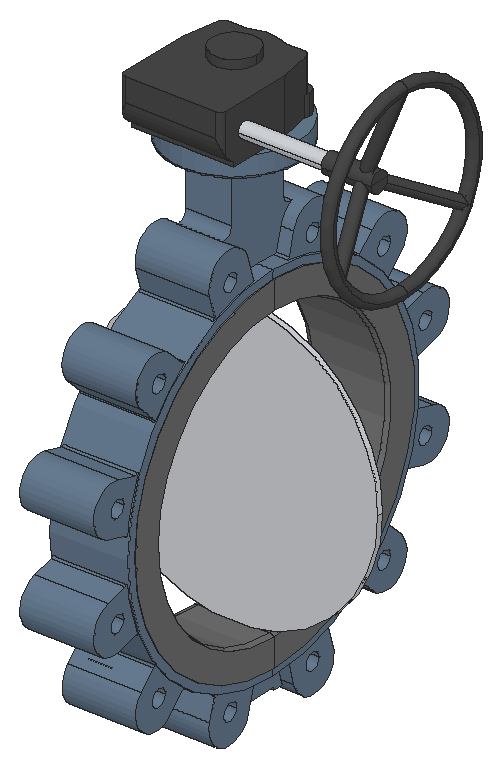
Revit family "Запорно-регулирующая заслонка с ручным редукторным приводом AF-4219", category Rohrzubehör, Revit 2018
Family settings
  Bemaßung runder Anschluss = Durchmesser verwenden
  Teiletyp = Unterbricht
  OmniClass-Nummer = 23.65.55.14
  OmniClass-Titel = Valves for Liquid Services
  Arbeitsebenenbasiert = Nein
  Immer vertikal = Ja
  Beim Laden mit Abzugskörper schneiden = Nein
  Gemeinsam genutzt = Nein
Parameters
  Шпиндель = "Нержавеющая сталь ASTM-A276 / Type 316"  # constant formula
  Фланцевое соединение = "В соответствии с EN1092-2"  # constant formula
  Уплотнение корпуса = "EPDM в соответствии с ISO 1691"  # constant formula
  Среда = "Качество теплоносителя в соответствии с ÖNORM H5195 и/или предписаниями VDI 2035.\r\nРазрешается использование смеси этилен или пропиленгликоля в соотношении 25-50% с водой."
  Область применения = "Применяются в системах тепло- и холодоснабжения."
  Номер заказа [instance] = size_lookup("4219_AF_G", "Artnr", 421911, Nennweite)  # 1421979
  Макс. рабочая температура = 110 °C  # constant formula
  Крутящий момент в Нм [instance] = size_lookup("4219_AF_G", "Nm", 20, Nennweite)  # 350
  Корпус = "Чугун GGG, GJS-400-15/JS1030, в соответствии с EN1563"  # constant formula
  Диск = "Нержавеющая сталь 1.4408"  # constant formula
  Вес [instance] = size_lookup("4219_AF_G", "Gewicht", 3.8, Nennweite)  # 37.6
  Болты [instance] = if(Nennweite = 50 mm, "4x M16x35", if(Nennweite = 65 mm, "4x M16x35", if(Nennweite = 80 mm, "8x M16x35", if(Nennweite = 100 mm, "8x M16x40", if(Nennweite = 125 mm, "8x M16x40", if(Nennweite = 150 mm, "8x M20x40", if(Nennweite = 200 mm, "12x M20x45", if(Nennweite = 250 mm, "12x M24x45", "12x M24x45"))))))))  # "12x M24x45"
  URL = "www.herz-armaturen.ru"
  SCTWSEQ = "FW;SBT_TYP_FW=\"101\";2"
  SCTWCODE = "04;07;02"  # constant formula
  SCRNSEQ = "ARM;ARM_TYP=\"ALLF\";2"
  SCRNCODE = "05;13;02"  # constant formula
  R99 = 1.5 mm  # constant formula
  PN [instance] = size_lookup("4219_AF_G", "PN", 16, Nennweite)  # 10
  O-Ring = "EPDM в соответствии с ISO 1691"  # constant formula
  Мин. рабочая температура = "-20.00 °C при соответствующей водно-гликолевой смеси"  # constant formula
  L04 [instance] = L01 - 3.5 mm  # 35.5 mm
  L03 [instance] = L01 + 1.5 mm  # 40.5 mm
  L02 [instance] = size_lookup("4219_AF_G", "L2", 14.5 mm, Nennweite)  # 30.5 mm
  L01 [instance] = size_lookup("4219_AF_G", "L1", 21.5 mm, Nennweite)  # 39 mm
  R01 [instance] = size_lookup("4219_AF_G", "R1", 44 mm, Nennweite)  # 65 mm
  Nennweite [instance] = 300 mm
  Hersteller = "HERZ Armaturen Ges.m.b.H."  # constant formula
  H02 [instance] = size_lookup("4219_AF_G", "H2", 13 mm, Nennweite)  # 20 mm
  H01 [instance] = size_lookup("4219_AF_G", "H1", 125 mm, Nennweite)  # 308 mm
  DN80 [instance] = Nennweite = 80 mm  # no
  DN65 [instance] = Nennweite = 65 mm  # no
  DN50 [instance] = Nennweite = 50 mm  # no
  DN300 [instance] = Nennweite = 300 mm  # yes
  DN250 [instance] = Nennweite = 250 mm  # no
  DN200 [instance] = Nennweite = 200 mm  # no
  DN150 [instance] = Nennweite = 150 mm  # no
  DN125 [instance] = Nennweite = 125 mm  # no
  DN100 [instance] = Nennweite = 100 mm  # no
  D06 [instance] = size_lookup("4219_AF_G", "D6", 25.3 mm, Nennweite)  # 146.5 mm
  D05 [instance] = size_lookup("4219_AF_G", "D5", 24.5 mm, Nennweite)  # 145 mm
  D04 [instance] = D05 + 2 mm  # 147 mm
  D03 [instance] = size_lookup("4219_AF_G", "D3", 35.5 mm, Nennweite)  # 167.5 mm
  D02 [instance] = size_lookup("4219_AF_G", "D2", 41 mm, Nennweite)  # 175 mm
  D01 [instance] = size_lookup("4219_AF_G", "D1", 47 mm, Nennweite)  # 183 mm
Reference planes
  plane 1 "Mitte (Vorne/hinten)": y = 0
  plane 2: z = 0
  plane 3 "Mitte (Links/rechts)": x = 0
Forms (mm)
  Revolve 1, solid, material "Herz-Metall-blau", detail levels fine
    sketch origin (0, 0, 0) x (1, 0, 0) y (0, 0, 1)
      loop
        line (-30.5, 175) -> (-30.5, 167.5) -> (30.5, 167.5) -> (30.5, 175) -> (39, 175) -> (39, 183) -> (-39, 183) -> (-39, 175) -> (-30.5, 175)
      axis (-39, 0) -> (39, 0)
    angle from 0 to 360
  Revolve 2, solid, material "Herz-Metall-blau", detail levels fine
    sketch origin (0, 0, 0) x (1, 0, 0) y (0, 0, 1)
      loop
        line (-65, 308) -> (-65, 289.463)
        arc (-65, 289.463) -> (-64.673, 288.527) -> (-63.833, 288) r 1.5
        line (-63.833, 288) -> (0, 288) -> (0, 308) -> (-65, 308)
      axis (0, 308) -> (0, 288)
    angle from 0 to 360
  Extrusion 3, solid, material "Herz-Metall-blau", visible <- "DN50", detail levels fine
    sketch origin (0, 0, 0) x (0, 1, 0) y (0, 0, 1)
      loop
        line (56.215, -32.173) -> (43.95, -19.909)
        arc (43.95, -19.909) -> (43.387, -18.793) -> (43.596, -17.56) r 2
        arc (43.596, -17.56) -> (33.234, -33.234) -> (17.56, -43.596) r 47
        arc (17.56, -43.596) -> (18.793, -43.387) -> (19.909, -43.95) r 2
        line (19.909, -43.95) -> (32.173, -56.215)
        arc (32.173, -56.215) -> (56.215, -56.215) -> (56.215, -32.173) r 17
      loop
        arc (-56.215, -32.173) -> (-56.215, -56.215) -> (-32.173, -56.215) r 17
        line (-32.173, -56.215) -> (-19.909, -43.95)
        arc (-19.909, -43.95) -> (-18.793, -43.387) -> (-17.56, -43.596) r 2
        arc (-17.56, -43.596) -> (-33.234, -33.234) -> (-43.596, -17.56) r 47
        arc (-43.596, -17.56) -> (-43.387, -18.793) -> (-43.95, -19.909) r 2
        line (-43.95, -19.909) -> (-56.215, -32.173)
      loop
        arc (56.215, 32.173) -> (56.215, 56.215) -> (32.173, 56.215) r 17
        line (32.173, 56.215) -> (19.909, 43.95)
        arc (19.909, 43.95) -> (18.793, 43.387) -> (17.56, 43.596) r 2
        arc (17.56, 43.596) -> (33.234, 33.234) -> (43.596, 17.56) r 47
        arc (43.596, 17.56) -> (43.387, 18.793) -> (43.95, 19.909) r 2
        line (43.95, 19.909) -> (56.215, 32.173)
      loop
        line (-56.215, 32.173) -> (-43.95, 19.909)
        arc (-43.95, 19.909) -> (-43.387, 18.793) -> (-43.596, 17.56) r 2
        arc (-43.596, 17.56) -> (-33.234, 33.234) -> (-17.56, 43.596) r 47
        arc (-17.56, 43.596) -> (-18.793, 43.387) -> (-19.909, 43.95) r 2
        line (-19.909, 43.95) -> (-32.173, 56.215)
        arc (-32.173, 56.215) -> (-56.215, 56.215) -> (-56.215, 32.173) r 17
      loop
        circle (-44.194, 44.194) r 6.92
      loop
        circle (44.194, 44.194) r 6.92
      loop
        circle (44.194, -44.194) r 6.92
      loop
        circle (-44.194, -44.194) r 6.92
    from -19.5 to 19.5
  Extrusion 4, solid, material "Herz-Metall-blau", visible <- "DN50", detail levels fine
    sketch origin (0, 0, 0) x (0, 1, 0) y (0, 0, 1)
      loop
        line (20, 74.845) -> (20, 112) -> (-20, 112) -> (-20, 74.845)
        arc (-20, 74.845) -> (-26.046, 62.811) -> (-39.31, 60.477) r 15
        arc (-39.31, 60.477) -> (-35.477, 58.789) -> (-32.173, 56.215) r 17
        line (-32.173, 56.215) -> (-19.909, 43.95)
        arc (-19.909, 43.95) -> (-18.793, 43.387) -> (-17.56, 43.596) r 2
        arc (-17.56, 43.596) -> (0, 47) -> (17.56, 43.596) r 47
        arc (17.56, 43.596) -> (18.793, 43.387) -> (19.909, 43.95) r 2
        line (19.909, 43.95) -> (32.173, 56.215)
        arc (32.173, 56.215) -> (35.477, 58.789) -> (39.31, 60.477) r 17
        arc (39.31, 60.477) -> (26.046, 62.811) -> (20, 74.845) r 15
    from -15 to 15
  Extrusion 5, solid, material "Herz-Metall-blau", visible <- "DN50"
    sketch origin (0, 0, 0) x (0, 1, 0) y (0, 0, 1)
      loop
        arc (33.834, -58) -> (34.246, -58.062) -> (34.622, -58.243) r 1.4
        arc (34.622, -58.243) -> (33.35, -57.286) -> (32.173, -56.215) r 17
        line (32.173, -56.215) -> (19.909, -43.95)
        arc (19.909, -43.95) -> (18.793, -43.387) -> (17.56, -43.596) r 2
        arc (17.56, -43.596) -> (0, -47) -> (-17.56, -43.596) r 47
        arc (-17.56, -43.596) -> (-18.793, -43.387) -> (-19.909, -43.95) r 2
        line (-19.909, -43.95) -> (-32.173, -56.215)
        arc (-32.173, -56.215) -> (-33.35, -57.286) -> (-34.622, -58.243) r 17
        arc (-34.622, -58.243) -> (-34.246, -58.062) -> (-33.834, -58) r 1.4
        line (-33.834, -58) -> (-16.963, -58)
        arc (-16.963, -58) -> (-15.575, -58.575) -> (-15, -59.963) r 1.963
        line (-15, -59.963) -> (-15, -61) -> (15, -61) -> (15, -59.963)
        arc (15, -59.963) -> (15.575, -58.575) -> (16.963, -58) r 1.963
        line (16.963, -58) -> (33.834, -58)
    from -15 to 15
  Revolve 6, solid, material "Gummi", detail levels fine
    sketch origin (-134.5, 0, 0) x (1, 0, 0) y (0, 0, 1)
      loop
        line (94, 175) -> (94, 147) -> (99, 145) -> (170, 145) -> (175, 147) -> (175, 175) -> (165, 175) -> (165, 167.5) -> (104, 167.5) -> (104, 175) -> (94, 175)
      axis (94, 0) -> (175, 0)
    angle from 0 to 360
  Extrusion 7, solid, detail levels fine
    sketch origin (0, 0, 0) x (1, 0, 0) y (0, 0, 1)
      loop
        circle (0, 0) r 146.5
    from -2.5 to 2.5
  Extrusion 8, solid, material "Herz-Metall-blau", visible <- "DN65", detail levels fine
    sketch origin (0, -300, 0) x (0, 1, 0) y (0, 0, 1)
      loop
        circle (351.265, 51.265) r 6.92
      loop
        arc (363.286, 39.244) -> (363.286, 63.286) -> (339.244, 63.286) r 17
        line (339.244, 63.286) -> (328.595, 52.636)
        arc (328.595, 52.636) -> (327.499, 52.076) -> (326.282, 52.264) r 2
        arc (326.282, 52.264) -> (341.366, 41.366) -> (352.264, 26.282) r 58.501
        arc (352.264, 26.282) -> (352.087, 27.51) -> (352.656, 28.614) r 2.038
        line (352.656, 28.614) -> (363.286, 39.244)
      loop
        circle (351.265, -51.265) r 6.92
      loop
        line (363.286, -39.244) -> (352.656, -28.614)
        arc (352.656, -28.614) -> (352.087, -27.51) -> (352.264, -26.282) r 2.038
        arc (352.264, -26.282) -> (341.366, -41.366) -> (326.282, -52.264) r 58.501
        arc (326.282, -52.264) -> (327.499, -52.076) -> (328.595, -52.636) r 2
        line (328.595, -52.636) -> (339.244, -63.286)
        arc (339.244, -63.286) -> (363.286, -63.286) -> (363.286, -39.244) r 17
      loop
        circle (248.735, 51.265) r 6.92
      loop
        line (236.714, 39.244) -> (247.344, 28.614)
        arc (247.344, 28.614) -> (247.913, 27.51) -> (247.736, 26.282) r 2.038
        arc (247.736, 26.282) -> (258.634, 41.366) -> (273.718, 52.264) r 58.501
        arc (273.718, 52.264) -> (272.501, 52.076) -> (271.405, 52.636) r 2
        line (271.405, 52.636) -> (260.756, 63.286)
        arc (260.756, 63.286) -> (236.714, 63.286) -> (236.714, 39.244) r 17
      loop
        circle (248.735, -51.265) r 6.92
      loop
        arc (236.714, -39.244) -> (236.714, -63.286) -> (260.756, -63.286) r 17
        line (260.756, -63.286) -> (271.405, -52.636)
        arc (271.405, -52.636) -> (272.501, -52.076) -> (273.718, -52.264) r 2
        arc (273.718, -52.264) -> (258.634, -41.366) -> (247.736, -26.282) r 58.501
        arc (247.736, -26.282) -> (247.913, -27.51) -> (247.344, -28.614) r 2.038
        line (247.344, -28.614) -> (236.714, -39.244)
    from -21 to 21
  Extrusion 9, solid, material "Herz-Metall-blau", visible <- "DN65", detail levels fine
    sketch origin (0, -300, 0) x (0, 1, 0) y (0, 0, 1)
      loop
        line (278, 136.5) -> (278, 78.286)
        arc (278, 78.286) -> (272.889, 69.099) -> (263, 65.53) r 14.984
        line (263, 65.53) -> (257.982, 65.53)
        arc (257.982, 65.53) -> (259.428, 64.481) -> (260.756, 63.286) r 17
        line (260.756, 63.286) -> (271.405, 52.636)
        arc (271.405, 52.636) -> (272.501, 52.076) -> (273.718, 52.264) r 2
        arc (273.718, 52.264) -> (300, 58.5) -> (326.282, 52.264) r 58.5
        arc (326.282, 52.264) -> (327.499, 52.076) -> (328.595, 52.636) r 2
        line (328.595, 52.636) -> (339.244, 63.286)
        arc (339.244, 63.286) -> (340.572, 64.481) -> (342.018, 65.53) r 17
        line (342.018, 65.53) -> (337, 65.53)
        arc (337, 65.53) -> (327.111, 69.099) -> (322, 78.286) r 14.984
        line (322, 78.286) -> (322, 136.5) -> (278, 136.5)
      loop
        arc (260.756, -63.286) -> (259.428, -64.481) -> (257.982, -65.53) r 17
        line (257.982, -65.53) -> (280.029, -65.53)
        arc (280.029, -65.53) -> (281.423, -66.108) -> (282, -67.501) r 1.971
        line (282, -67.501) -> (282, -74) -> (318, -74) -> (318, -67.527)
        arc (318, -67.527) -> (318.585, -66.115) -> (319.997, -65.53) r 1.997
        line (319.997, -65.53) -> (342.018, -65.53)
        arc (342.018, -65.53) -> (340.572, -64.481) -> (339.244, -63.286) r 17
        line (339.244, -63.286) -> (328.595, -52.636)
        arc (328.595, -52.636) -> (327.499, -52.076) -> (326.282, -52.264) r 2
        arc (326.282, -52.264) -> (300, -58.5) -> (273.718, -52.264) r 58.5
        arc (273.718, -52.264) -> (272.501, -52.076) -> (271.405, -52.636) r 2
        line (271.405, -52.636) -> (260.756, -63.286)
    from -18 to 18
  Extrusion 10, solid, material "Herz-Metall-blau", visible <- "DN80", detail levels fine
    sketch origin (0, -300, 0) x (0, 1, 0) y (0, 0, 1)
      loop
        circle (269.385, 73.91) r 6.92
      loop
        arc (285.091, 80.416) -> (262.88, 89.616) -> (253.679, 67.405) r 17
        line (253.679, 67.405) -> (259.513, 53.322)
        arc (259.513, 53.322) -> (259.602, 52.073) -> (258.924, 51.02) r 1.982
        arc (258.924, 51.02) -> (274.934, 60.514) -> (292.968, 65.121) r 65.5
        arc (292.968, 65.121) -> (291.745, 65.388) -> (290.924, 66.335) r 1.984
        line (290.924, 66.335) -> (285.091, 80.416)
      loop
        circle (226.09, 30.615) r 6.92
      loop
        line (219.584, 14.909) -> (233.665, 9.076)
        arc (233.665, 9.076) -> (234.612, 8.255) -> (234.879, 7.032) r 1.984
        arc (234.879, 7.032) -> (239.486, 25.066) -> (248.98, 41.076) r 65.5
        arc (248.98, 41.076) -> (247.927, 40.398) -> (246.678, 40.487) r 1.982
        line (246.678, 40.487) -> (232.595, 46.321)
        arc (232.595, 46.321) -> (210.384, 37.12) -> (219.584, 14.909) r 17
      loop
        circle (269.385, -73.91) r 6.92
      loop
        line (285.091, -80.416) -> (290.924, -66.335)
        arc (290.924, -66.335) -> (291.745, -65.388) -> (292.968, -65.121) r 1.984
        arc (292.968, -65.121) -> (274.934, -60.514) -> (258.924, -51.02) r 65.5
        arc (258.924, -51.02) -> (259.602, -52.073) -> (259.513, -53.322) r 1.982
        line (259.513, -53.322) -> (253.679, -67.405)
        arc (253.679, -67.405) -> (262.88, -89.616) -> (285.091, -80.416) r 17
      loop
        circle (226.09, -30.615) r 6.92
      loop
        arc (219.584, -14.909) -> (210.384, -37.12) -> (232.595, -46.321) r 17
        line (232.595, -46.321) -> (246.678, -40.487)
        arc (246.678, -40.487) -> (247.927, -40.398) -> (248.98, -41.076) r 1.982
        arc (248.98, -41.076) -> (239.486, -25.066) -> (234.879, -7.032) r 65.5
        arc (234.879, -7.032) -> (234.612, -8.255) -> (233.665, -9.076) r 1.984
        line (233.665, -9.076) -> (219.584, -14.909)
      loop
        circle (330.615, 73.91) r 6.92
      loop
        line (314.909, 80.416) -> (309.076, 66.335)
        arc (309.076, 66.335) -> (308.255, 65.388) -> (307.032, 65.121) r 1.984
        arc (307.032, 65.121) -> (325.066, 60.514) -> (341.076, 51.02) r 65.5
        arc (341.076, 51.02) -> (340.398, 52.073) -> (340.487, 53.322) r 1.982
        line (340.487, 53.322) -> (346.321, 67.405)
        arc (346.321, 67.405) -> (337.12, 89.616) -> (314.909, 80.416) r 17
      loop
        circle (373.91, 30.615) r 6.92
      loop
        arc (380.416, 14.909) -> (389.616, 37.12) -> (367.405, 46.321) r 17
        line (367.405, 46.321) -> (353.322, 40.487)
        arc (353.322, 40.487) -> (352.073, 40.398) -> (351.02, 41.076) r 1.982
        arc (351.02, 41.076) -> (360.514, 25.066) -> (365.121, 7.032) r 65.5
        arc (365.121, 7.032) -> (365.388, 8.255) -> (366.335, 9.076) r 1.984
        line (366.335, 9.076) -> (380.416, 14.909)
      loop
        circle (330.615, -73.91) r 6.92
      loop
        arc (314.909, -80.416) -> (337.12, -89.616) -> (346.321, -67.405) r 17
        line (346.321, -67.405) -> (340.487, -53.322)
        arc (340.487, -53.322) -> (340.398, -52.073) -> (341.076, -51.02) r 1.982
        arc (341.076, -51.02) -> (325.066, -60.514) -> (307.032, -65.121) r 65.5
        arc (307.032, -65.121) -> (308.255, -65.388) -> (309.076, -66.335) r 1.984
        line (309.076, -66.335) -> (314.909, -80.416)
      loop
        circle (373.91, -30.615) r 6.92
      loop
        line (380.416, -14.909) -> (366.335, -9.076)
        arc (366.335, -9.076) -> (365.388, -8.255) -> (365.121, -7.032) r 1.984
        arc (365.121, -7.032) -> (360.514, -25.066) -> (351.02, -41.076) r 65.5
        arc (351.02, -41.076) -> (352.073, -40.398) -> (353.322, -40.487) r 1.982
        line (353.322, -40.487) -> (367.405, -46.321)
        arc (367.405, -46.321) -> (389.616, -37.12) -> (380.416, -14.909) r 17
    from -21 to 21
  Extrusion 11, solid, material "Herz-Metall-blau", visible <- "DN80", detail levels fine
    sketch origin (0, -300, 0) x (0, 1, 0) y (0, 0, 1)
      loop
        line (278, 143.5) -> (278, 100.814)
        arc (278, 100.814) -> (275.545, 94.251) -> (269.385, 90.91) r 10
        arc (269.385, 90.91) -> (278.83, 88.045) -> (285.091, 80.416) r 17
        line (285.091, 80.416) -> (290.924, 66.335)
        arc (290.924, 66.335) -> (291.744, 65.388) -> (292.968, 65.121) r 1.984
        arc (292.968, 65.121) -> (300, 65.497) -> (307.032, 65.121) r 66.05
        arc (307.032, 65.121) -> (308.256, 65.388) -> (309.076, 66.335) r 1.984
        line (309.076, 66.335) -> (314.909, 80.416)
        arc (314.909, 80.416) -> (321.17, 88.045) -> (330.615, 90.91) r 17
        arc (330.615, 90.91) -> (324.455, 94.251) -> (322, 100.814) r 10
        line (322, 100.814) -> (322, 143.5) -> (278, 143.5)
      loop
        line (285.091, -80.416) -> (286.5, -80.946) -> (313.5, -80.946) -> (314.89, -80.371) -> (309.076, -66.335)
        arc (309.076, -66.335) -> (308.256, -65.388) -> (307.032, -65.121) r 1.984
        arc (307.032, -65.121) -> (300, -65.497) -> (292.968, -65.121) r 66.05
        arc (292.968, -65.121) -> (291.744, -65.388) -> (290.924, -66.335) r 1.984
        line (290.924, -66.335) -> (285.091, -80.416)
    from -18.5 to 18.5
  Extrusion 12, solid, material "Herz-Metall-blau", visible <- "DN100", detail levels fine
    sketch origin (0, -300, 0) x (0, 1, 0) y (0, 0, 1)
      loop
        circle (265.558, 83.149) r 6.92
      loop
        arc (281.264, 89.655) -> (259.053, 98.855) -> (249.853, 76.644) r 17
        line (249.853, 76.644) -> (255.731, 62.451)
        arc (255.731, 62.451) -> (255.813, 61.14) -> (255.074, 60.055) r 2.025
        arc (255.074, 60.055) -> (271.3, 69.291) -> (289.305, 74.233) r 75
        arc (289.305, 74.233) -> (288.012, 74.478) -> (287.142, 75.464) r 2.027
        line (287.142, 75.464) -> (281.264, 89.655)
      loop
        circle (216.851, 34.442) r 6.92
      loop
        line (210.345, 18.736) -> (224.536, 12.858)
        arc (224.536, 12.858) -> (225.522, 11.988) -> (225.767, 10.695) r 2.027
        arc (225.767, 10.695) -> (230.709, 28.7) -> (239.945, 44.926) r 75
        arc (239.945, 44.926) -> (238.86, 44.187) -> (237.549, 44.269) r 2.025
        line (237.549, 44.269) -> (223.356, 50.147)
        arc (223.356, 50.147) -> (201.145, 40.947) -> (210.345, 18.736) r 17
      loop
        circle (265.558, -83.149) r 6.92
      loop
        line (281.264, -89.655) -> (287.142, -75.464)
        arc (287.142, -75.464) -> (288.012, -74.478) -> (289.305, -74.233) r 2.027
        arc (289.305, -74.233) -> (271.3, -69.291) -> (255.074, -60.055) r 75
        arc (255.074, -60.055) -> (255.813, -61.14) -> (255.731, -62.451) r 2.025
        line (255.731, -62.451) -> (249.853, -76.644)
        arc (249.853, -76.644) -> (259.053, -98.855) -> (281.264, -89.655) r 17
      loop
        circle (216.851, -34.442) r 6.92
      loop
        arc (210.345, -18.736) -> (201.145, -40.947) -> (223.356, -50.147) r 17
        line (223.356, -50.147) -> (237.549, -44.269)
        arc (237.549, -44.269) -> (238.86, -44.187) -> (239.945, -44.926) r 2.025
        arc (239.945, -44.926) -> (230.709, -28.7) -> (225.767, -10.695) r 75
        arc (225.767, -10.695) -> (225.522, -11.988) -> (224.536, -12.858) r 2.027
        line (224.536, -12.858) -> (210.345, -18.736)
      loop
        circle (334.442, 83.149) r 6.92
      loop
        line (318.736, 89.655) -> (312.858, 75.464)
        arc (312.858, 75.464) -> (311.988, 74.478) -> (310.695, 74.233) r 2.027
        arc (310.695, 74.233) -> (328.7, 69.291) -> (344.926, 60.055) r 75
        arc (344.926, 60.055) -> (344.187, 61.14) -> (344.269, 62.451) r 2.025
        line (344.269, 62.451) -> (350.147, 76.644)
        arc (350.147, 76.644) -> (340.947, 98.855) -> (318.736, 89.655) r 17
      loop
        circle (383.149, 34.442) r 6.92
      loop
        arc (389.655, 18.736) -> (398.855, 40.947) -> (376.644, 50.147) r 17
        line (376.644, 50.147) -> (362.451, 44.269)
        arc (362.451, 44.269) -> (361.14, 44.187) -> (360.055, 44.926) r 2.025
        arc (360.055, 44.926) -> (369.291, 28.7) -> (374.233, 10.695) r 75
        arc (374.233, 10.695) -> (374.478, 11.988) -> (375.464, 12.858) r 2.027
        line (375.464, 12.858) -> (389.655, 18.736)
      loop
        circle (334.442, -83.149) r 6.92
      loop
        arc (318.736, -89.655) -> (340.947, -98.855) -> (350.147, -76.644) r 17
        line (350.147, -76.644) -> (344.269, -62.451)
        arc (344.269, -62.451) -> (344.187, -61.14) -> (344.926, -60.055) r 2.025
        arc (344.926, -60.055) -> (328.7, -69.291) -> (310.695, -74.233) r 75
        arc (310.695, -74.233) -> (311.988, -74.478) -> (312.858, -75.464) r 2.027
        line (312.858, -75.464) -> (318.736, -89.655)
      loop
        circle (383.149, -34.442) r 6.92
      loop
        line (389.655, -18.736) -> (375.464, -12.858)
        arc (375.464, -12.858) -> (374.478, -11.988) -> (374.233, -10.695) r 2.027
        arc (374.233, -10.695) -> (369.291, -28.7) -> (360.055, -44.926) r 75
        arc (360.055, -44.926) -> (361.14, -44.187) -> (362.451, -44.269) r 2.025
        line (362.451, -44.269) -> (376.644, -50.147)
        arc (376.644, -50.147) -> (398.855, -40.947) -> (389.655, -18.736) r 17
    from -24 to 24
  Extrusion 13, solid, material "Herz-Metall-blau", visible <- "DN100", detail levels fine
    sketch origin (0, -300, 0) x (0, 1, 0) y (0, 0, 1)
      loop
        line (274, 167) -> (274, 114.47)
        arc (274, 114.47) -> (270.644, 105.014) -> (262.078, 99.789) r 15
        arc (262.078, 99.789) -> (273.498, 98.181) -> (281.264, 89.655) r 17
        line (281.264, 89.655) -> (287.142, 75.464)
        arc (287.142, 75.464) -> (288.012, 74.478) -> (289.305, 74.233) r 2.027
        arc (289.305, 74.233) -> (300, 75) -> (310.695, 74.233) r 75
        arc (310.695, 74.233) -> (311.988, 74.478) -> (312.858, 75.464) r 2.027
        line (312.858, 75.464) -> (318.736, 89.655)
        arc (318.736, 89.655) -> (326.502, 98.181) -> (337.922, 99.789) r 17
        arc (337.922, 99.789) -> (329.356, 105.014) -> (326, 114.47) r 15
        line (326, 114.47) -> (326, 167) -> (274, 167)
      loop
        line (286.5, -93) -> (313.5, -93) -> (313.5, -96) -> (323.312, -96)
        arc (323.312, -96) -> (320.654, -93.094) -> (318.736, -89.655) r 17
        line (318.736, -89.655) -> (312.858, -75.464)
        arc (312.858, -75.464) -> (311.988, -74.478) -> (310.695, -74.233) r 2.027
        arc (310.695, -74.233) -> (300, -75) -> (289.305, -74.233) r 75
        arc (289.305, -74.233) -> (288.012, -74.478) -> (287.142, -75.464) r 2.027
        line (287.142, -75.464) -> (281.264, -89.655)
        arc (281.264, -89.655) -> (279.346, -93.094) -> (276.688, -96) r 17
        line (276.688, -96) -> (286.5, -96) -> (286.5, -93)
    from -18 to 18
  Extrusion 14, solid, material "Herz-Metall-blau", visible <- "DN125", detail levels fine
    sketch origin (0, -300, 0) x (0, 1, 0) y (0, 0, 1)
      loop
        circle (259.818, 97.007) r 6.92
      loop
        arc (275.524, 103.513) -> (253.313, 112.713) -> (244.112, 90.502) r 17
        line (244.112, 90.502) -> (249.217, 78.179)
        arc (249.217, 78.179) -> (249.286, 76.825) -> (248.485, 75.731) r 2.023
        arc (248.485, 75.731) -> (264.902, 84.594) -> (282.772, 89.957) r 91.852
        arc (282.772, 89.957) -> (281.505, 90.18) -> (280.649, 91.141) r 1.958
        line (280.649, 91.141) -> (275.524, 103.513)
      loop
        circle (202.993, 40.182) r 6.92
      loop
        line (196.487, 24.476) -> (208.859, 19.351)
        arc (208.859, 19.351) -> (209.82, 18.495) -> (210.043, 17.228) r 1.958
        arc (210.043, 17.228) -> (215.406, 35.098) -> (224.269, 51.515) r 91.852
        arc (224.269, 51.515) -> (223.175, 50.714) -> (221.821, 50.783) r 2.023
        line (221.821, 50.783) -> (209.498, 55.888)
        arc (209.498, 55.888) -> (187.287, 46.687) -> (196.487, 24.476) r 17
      loop
        circle (259.818, -97.007) r 6.92
      loop
        line (275.524, -103.513) -> (280.649, -91.141)
        arc (280.649, -91.141) -> (281.505, -90.18) -> (282.772, -89.957) r 1.958
        arc (282.772, -89.957) -> (264.902, -84.594) -> (248.485, -75.731) r 91.852
        arc (248.485, -75.731) -> (249.286, -76.825) -> (249.217, -78.179) r 2.023
        line (249.217, -78.179) -> (244.112, -90.502)
        arc (244.112, -90.502) -> (253.313, -112.713) -> (275.524, -103.513) r 17
      loop
        circle (202.993, -40.182) r 6.92
      loop
        arc (196.487, -24.476) -> (187.287, -46.687) -> (209.498, -55.888) r 17
        line (209.498, -55.888) -> (221.821, -50.783)
        arc (221.821, -50.783) -> (223.175, -50.714) -> (224.269, -51.515) r 2.023
        arc (224.269, -51.515) -> (215.406, -35.098) -> (210.043, -17.228) r 91.852
        arc (210.043, -17.228) -> (209.82, -18.495) -> (208.859, -19.351) r 1.958
        line (208.859, -19.351) -> (196.487, -24.476)
      loop
        circle (340.182, 97.007) r 6.92
      loop
        line (324.476, 103.513) -> (319.351, 91.141)
        arc (319.351, 91.141) -> (318.495, 90.18) -> (317.228, 89.957) r 1.958
        arc (317.228, 89.957) -> (335.098, 84.594) -> (351.515, 75.731) r 91.852
        arc (351.515, 75.731) -> (350.714, 76.825) -> (350.783, 78.179) r 2.023
        line (350.783, 78.179) -> (355.888, 90.502)
        arc (355.888, 90.502) -> (346.687, 112.713) -> (324.476, 103.513) r 17
      loop
        circle (397.007, 40.182) r 6.92
      loop
        arc (403.513, 24.476) -> (412.713, 46.687) -> (390.502, 55.888) r 17
        line (390.502, 55.888) -> (378.179, 50.783)
        arc (378.179, 50.783) -> (376.825, 50.714) -> (375.731, 51.515) r 2.023
        arc (375.731, 51.515) -> (384.594, 35.098) -> (389.957, 17.228) r 91.852
        arc (389.957, 17.228) -> (390.18, 18.495) -> (391.141, 19.351) r 1.958
        line (391.141, 19.351) -> (403.513, 24.476)
      loop
        circle (340.182, -97.007) r 6.92
      loop
        arc (324.476, -103.513) -> (346.687, -112.713) -> (355.888, -90.502) r 17
        line (355.888, -90.502) -> (350.783, -78.179)
        arc (350.783, -78.179) -> (350.714, -76.825) -> (351.515, -75.731) r 2.023
        arc (351.515, -75.731) -> (335.098, -84.594) -> (317.228, -89.957) r 91.852
        arc (317.228, -89.957) -> (318.495, -90.18) -> (319.351, -91.141) r 1.958
        line (319.351, -91.141) -> (324.476, -103.513)
      loop
        circle (397.007, -40.182) r 6.92
      loop
        line (403.513, -24.476) -> (391.141, -19.351)
        arc (391.141, -19.351) -> (390.18, -18.495) -> (389.957, -17.228) r 1.958
        arc (389.957, -17.228) -> (384.594, -35.098) -> (375.731, -51.515) r 91.852
        arc (375.731, -51.515) -> (376.825, -50.714) -> (378.179, -50.783) r 2.023
        line (378.179, -50.783) -> (390.502, -55.888)
        arc (390.502, -55.888) -> (412.713, -46.687) -> (403.513, -24.476) r 17
    from -26 to 26
  Extrusion 15, solid, material "Herz-Metall-blau", visible <- "DN125", detail levels fine
    sketch origin (0, -300, 0) x (0, 1, 0) y (0, 0, 1)
      loop
        line (273.999, 186) -> (273.95, 123.689)
        arc (273.95, 123.689) -> (270.458, 116.096) -> (262.42, 113.807) r 10
        arc (262.42, 113.807) -> (270.32, 110.376) -> (275.524, 103.513) r 17
        line (275.524, 103.513) -> (280.649, 91.141)
        arc (280.649, 91.141) -> (281.528, 90.167) -> (282.825, 89.967) r 1.958
        arc (282.825, 89.967) -> (299.999, 91.589) -> (317.173, 89.967) r 91.7
        arc (317.173, 89.967) -> (318.469, 90.167) -> (319.348, 91.141) r 1.958
        line (319.348, 91.141) -> (324.473, 103.513)
        arc (324.473, 103.513) -> (329.677, 110.376) -> (337.577, 113.807) r 17
        arc (337.577, 113.807) -> (329.539, 116.096) -> (325.999, 123.689) r 10
        line (325.999, 123.689) -> (325.999, 186) -> (273.999, 186)
      loop
        line (286.499, -110.51) -> (313.499, -110.51) -> (313.499, -113.51) -> (336.099, -113.51)
        arc (336.099, -113.51) -> (329.095, -109.897) -> (324.473, -103.513) r 17
        line (324.473, -103.513) -> (319.348, -91.141)
        arc (319.348, -91.141) -> (318.469, -90.167) -> (317.173, -89.967) r 1.958
        arc (317.173, -89.967) -> (299.999, -91.589) -> (282.825, -89.967) r 91.7
        arc (282.825, -89.967) -> (281.528, -90.167) -> (280.649, -91.141) r 1.958
        line (280.649, -91.141) -> (275.524, -103.513)
        arc (275.524, -103.513) -> (270.902, -109.897) -> (263.898, -113.51) r 17
        line (263.898, -113.51) -> (286.499, -113.51) -> (286.499, -110.51)
    from -18 to 18
  Extrusion 16, solid, material "Herz-Metall-blau", visible <- "DN150", detail levels fine
    sketch origin (0, -300, 0) x (0, 1, 0) y (0, 0, 1)
      loop
        circle (254.078, 110.866) r 8.645
      loop
        arc (273.479, 118.902) -> (246.042, 130.267) -> (234.677, 102.829) r 21
        line (234.677, 102.829) -> (241.591, 86.136)
        arc (241.591, 86.136) -> (241.664, 84.82) -> (240.899, 83.746) r 1.993
        arc (240.899, 83.746) -> (260.776, 94.698) -> (282.575, 101.008) r 102.504
        arc (282.575, 101.008) -> (281.263, 101.248) -> (280.379, 102.246) r 2.042
        line (280.379, 102.246) -> (273.479, 118.902)
      loop
        circle (189.134, 45.922) r 8.645
      loop
        line (181.098, 26.521) -> (197.754, 19.621)
        arc (197.754, 19.621) -> (198.752, 18.737) -> (198.992, 17.425) r 2.042
        arc (198.992, 17.425) -> (205.302, 39.224) -> (216.254, 59.101) r 102.504
        arc (216.254, 59.101) -> (215.18, 58.336) -> (213.864, 58.409) r 1.993
        line (213.864, 58.409) -> (197.171, 65.323)
        arc (197.171, 65.323) -> (169.733, 53.958) -> (181.098, 26.521) r 21
      loop
        circle (254.078, -110.866) r 8.645
      loop
        line (273.479, -118.902) -> (280.379, -102.246)
        arc (280.379, -102.246) -> (281.263, -101.248) -> (282.575, -101.008) r 2.042
        arc (282.575, -101.008) -> (260.776, -94.698) -> (240.899, -83.746) r 102.504
        arc (240.899, -83.746) -> (241.664, -84.82) -> (241.591, -86.136) r 1.993
        line (241.591, -86.136) -> (234.677, -102.829)
        arc (234.677, -102.829) -> (246.042, -130.267) -> (273.479, -118.902) r 21
      loop
        circle (189.134, -45.922) r 8.645
      loop
        arc (181.098, -26.521) -> (169.733, -53.958) -> (197.171, -65.323) r 21
        line (197.171, -65.323) -> (213.864, -58.409)
        arc (213.864, -58.409) -> (215.18, -58.336) -> (216.254, -59.101) r 1.993
        arc (216.254, -59.101) -> (205.302, -39.224) -> (198.992, -17.425) r 102.504
        arc (198.992, -17.425) -> (198.752, -18.737) -> (197.754, -19.621) r 2.042
        line (197.754, -19.621) -> (181.098, -26.521)
      loop
        circle (345.922, 110.866) r 8.645
      loop
        line (326.521, 118.902) -> (319.621, 102.246)
        arc (319.621, 102.246) -> (318.737, 101.248) -> (317.425, 101.008) r 2.042
        arc (317.425, 101.008) -> (339.224, 94.698) -> (359.101, 83.746) r 102.504
        arc (359.101, 83.746) -> (358.336, 84.82) -> (358.409, 86.136) r 1.993
        line (358.409, 86.136) -> (365.323, 102.829)
        arc (365.323, 102.829) -> (353.958, 130.267) -> (326.521, 118.902) r 21
      loop
        circle (410.866, 45.922) r 8.645
      loop
        arc (418.902, 26.521) -> (430.267, 53.958) -> (402.829, 65.323) r 21
        line (402.829, 65.323) -> (386.136, 58.409)
        arc (386.136, 58.409) -> (384.82, 58.336) -> (383.746, 59.101) r 1.993
        arc (383.746, 59.101) -> (394.698, 39.224) -> (401.008, 17.425) r 102.504
        arc (401.008, 17.425) -> (401.248, 18.737) -> (402.246, 19.621) r 2.042
        line (402.246, 19.621) -> (418.902, 26.521)
      loop
        circle (345.922, -110.866) r 8.645
      loop
        arc (326.521, -118.902) -> (353.958, -130.267) -> (365.323, -102.829) r 21
        line (365.323, -102.829) -> (358.409, -86.136)
        arc (358.409, -86.136) -> (358.336, -84.82) -> (359.101, -83.746) r 1.993
        arc (359.101, -83.746) -> (339.224, -94.698) -> (317.425, -101.008) r 102.504
        arc (317.425, -101.008) -> (318.737, -101.248) -> (319.621, -102.246) r 2.042
        line (319.621, -102.246) -> (326.521, -118.902)
      loop
        circle (410.866, -45.922) r 8.645
      loop
        line (418.902, -26.521) -> (402.246, -19.621)
        arc (402.246, -19.621) -> (401.248, -18.737) -> (401.008, -17.425) r 2.042
        arc (401.008, -17.425) -> (394.698, -39.224) -> (383.746, -59.101) r 102.504
        arc (383.746, -59.101) -> (384.82, -58.336) -> (386.136, -58.409) r 1.993
        line (386.136, -58.409) -> (402.829, -65.323)
        arc (402.829, -65.323) -> (430.267, -53.958) -> (418.902, -26.521) r 21
    from -26 to 26
  Extrusion 17, solid, material "Herz-Metall-blau", visible <- "DN150", detail levels fine
    sketch origin (0, -300, 0) x (0, 1, 0) y (0, 0, 1)
      loop
        line (274, 199) -> (274, 135)
        arc (274, 135) -> (272.527, 129.776) -> (268.541, 126.091) r 10
        arc (268.541, 126.091) -> (271.388, 122.755) -> (273.479, 118.902) r 21
        line (273.479, 118.902) -> (280.379, 102.246)
        arc (280.379, 102.246) -> (281.28, 101.239) -> (282.612, 101.014) r 2.042
        arc (282.612, 101.014) -> (300, 102.5) -> (317.388, 101.014) r 102.5
        arc (317.388, 101.014) -> (318.72, 101.239) -> (319.621, 102.246) r 2.042
        line (319.621, 102.246) -> (326.521, 118.902)
        arc (326.521, 118.902) -> (328.612, 122.755) -> (331.459, 126.091) r 21
        arc (331.459, 126.091) -> (327.473, 129.776) -> (326, 135) r 10
        line (326, 135) -> (326, 199) -> (274, 199)
      loop
        line (286.5, -122.5) -> (313.5, -122.5) -> (313.5, -125.5) -> (330.861, -125.5)
        arc (330.861, -125.5) -> (328.378, -122.407) -> (326.521, -118.902) r 21
        line (326.521, -118.902) -> (319.621, -102.246)
        arc (319.621, -102.246) -> (318.72, -101.239) -> (317.388, -101.014) r 2.042
        arc (317.388, -101.014) -> (300, -102.5) -> (282.612, -101.014) r 102.5
        arc (282.612, -101.014) -> (281.28, -101.239) -> (280.379, -102.246) r 2.042
        line (280.379, -102.246) -> (273.479, -118.902)
        arc (273.479, -118.902) -> (271.622, -122.407) -> (269.139, -125.5) r 21
        line (269.139, -125.5) -> (286.5, -125.5) -> (286.5, -122.5)
    from -18 to 18
  Extrusion 18, solid, material "Herz-Metall-blau", visible <- "DN200", detail levels fine
    sketch origin (0, -400, 0) x (0, 1, 0) y (0, 0, 1)
      loop
        circle (361.824, 142.474) r 8.645
      loop
        arc (382.109, 147.909) -> (356.389, 162.759) -> (341.54, 137.039) r 21
        line (341.54, 137.039) -> (345.801, 121.136)
        arc (345.801, 121.136) -> (345.679, 119.74) -> (344.688, 118.75) r 2.048
        arc (344.688, 118.75) -> (366.062, 126.527) -> (388.459, 130.491) r 131
        arc (388.459, 130.491) -> (387.159, 130.838) -> (386.388, 131.939) r 1.965
        line (386.388, 131.939) -> (382.109, 147.909)
      loop
        circle (257.526, 38.176) r 8.645
      loop
        line (252.091, 17.891) -> (268.061, 13.612)
        arc (268.061, 13.612) -> (269.162, 12.841) -> (269.509, 11.541) r 1.965
        arc (269.509, 11.541) -> (273.473, 33.938) -> (281.25, 55.312) r 131
        arc (281.25, 55.312) -> (280.26, 54.321) -> (278.864, 54.199) r 2.048
        line (278.864, 54.199) -> (262.961, 58.46)
        arc (262.961, 58.46) -> (237.241, 43.611) -> (252.091, 17.891) r 21
      loop
        circle (295.702, 104.298) r 8.645
      loop
        line (280.853, 89.449) -> (292.543, 77.758)
        arc (292.543, 77.758) -> (293.111, 76.539) -> (292.762, 75.24) r 1.965
        arc (292.762, 75.24) -> (307.393, 92.655) -> (324.816, 107.277) r 131
        arc (324.816, 107.277) -> (323.463, 106.914) -> (322.193, 107.506) r 2.048
        line (322.193, 107.506) -> (310.551, 119.147)
        arc (310.551, 119.147) -> (280.853, 119.147) -> (280.853, 89.449) r 21
      loop
        circle (361.824, -142.474) r 8.645
      loop
        line (382.109, -147.909) -> (386.388, -131.939)
        arc (386.388, -131.939) -> (387.159, -130.838) -> (388.459, -130.491) r 1.965
        arc (388.459, -130.491) -> (366.062, -126.527) -> (344.688, -118.75) r 131
        arc (344.688, -118.75) -> (345.679, -119.74) -> (345.801, -121.136) r 2.048
        line (345.801, -121.136) -> (341.54, -137.039)
        arc (341.54, -137.039) -> (356.389, -162.759) -> (382.109, -147.909) r 21
      loop
        circle (257.526, -38.176) r 8.645
      loop
        arc (252.091, -17.891) -> (237.241, -43.611) -> (262.961, -58.46) r 21
        line (262.961, -58.46) -> (278.864, -54.199)
        arc (278.864, -54.199) -> (280.26, -54.321) -> (281.25, -55.312) r 2.048
        arc (281.25, -55.312) -> (273.473, -33.938) -> (269.509, -11.541) r 131
        arc (269.509, -11.541) -> (269.162, -12.841) -> (268.061, -13.612) r 1.965
        line (268.061, -13.612) -> (252.091, -17.891)
      loop
        circle (295.702, -104.298) r 8.645
      loop
        arc (280.853, -89.449) -> (280.853, -119.147) -> (310.551, -119.147) r 21
        line (310.551, -119.147) -> (322.193, -107.506)
        arc (322.193, -107.506) -> (323.463, -106.914) -> (324.816, -107.277) r 2.048
        arc (324.816, -107.277) -> (307.393, -92.655) -> (292.762, -75.24) r 131
        arc (292.762, -75.24) -> (293.111, -76.539) -> (292.543, -77.758) r 1.965
        line (292.543, -77.758) -> (280.853, -89.449)
      loop
        circle (438.176, 142.474) r 8.645
      loop
        line (417.891, 147.909) -> (413.612, 131.939)
        arc (413.612, 131.939) -> (412.841, 130.838) -> (411.541, 130.491) r 1.965
        arc (411.541, 130.491) -> (433.938, 126.527) -> (455.312, 118.75) r 131
        arc (455.312, 118.75) -> (454.321, 119.74) -> (454.199, 121.136) r 2.048
        line (454.199, 121.136) -> (458.46, 137.039)
        arc (458.46, 137.039) -> (443.611, 162.759) -> (417.891, 147.909) r 21
      loop
        circle (542.474, 38.176) r 8.645
      loop
        arc (547.909, 17.891) -> (562.759, 43.611) -> (537.039, 58.46) r 21
        line (537.039, 58.46) -> (521.136, 54.199)
        arc (521.136, 54.199) -> (519.74, 54.321) -> (518.75, 55.312) r 2.048
        arc (518.75, 55.312) -> (526.527, 33.938) -> (530.491, 11.541) r 131
        arc (530.491, 11.541) -> (530.838, 12.841) -> (531.939, 13.612) r 1.965
        line (531.939, 13.612) -> (547.909, 17.891)
      loop
        circle (504.298, 104.298) r 8.645
      loop
        arc (519.147, 89.449) -> (519.147, 119.147) -> (489.449, 119.147) r 21
        line (489.449, 119.147) -> (477.807, 107.506)
        arc (477.807, 107.506) -> (476.537, 106.914) -> (475.184, 107.277) r 2.048
        arc (475.184, 107.277) -> (492.607, 92.655) -> (507.238, 75.24) r 131
        arc (507.238, 75.24) -> (506.889, 76.539) -> (507.457, 77.758) r 1.965
        line (507.457, 77.758) -> (519.147, 89.449)
      loop
        circle (438.176, -142.474) r 8.645
      loop
        arc (417.891, -147.909) -> (443.611, -162.759) -> (458.46, -137.039) r 21
        line (458.46, -137.039) -> (454.199, -121.136)
        arc (454.199, -121.136) -> (454.321, -119.74) -> (455.312, -118.75) r 2.048
        arc (455.312, -118.75) -> (433.938, -126.527) -> (411.541, -130.491) r 131
        arc (411.541, -130.491) -> (412.841, -130.838) -> (413.612, -131.939) r 1.965
        line (413.612, -131.939) -> (417.891, -147.909)
      loop
        circle (542.474, -38.176) r 8.645
      loop
        line (547.909, -17.891) -> (531.939, -13.612)
        arc (531.939, -13.612) -> (530.838, -12.841) -> (530.491, -11.541) r 1.965
        arc (530.491, -11.541) -> (526.527, -33.938) -> (518.75, -55.312) r 131
        arc (518.75, -55.312) -> (519.74, -54.321) -> (521.136, -54.199) r 2.048
        line (521.136, -54.199) -> (537.039, -58.46)
        arc (537.039, -58.46) -> (562.759, -43.611) -> (547.909, -17.891) r 21
      loop
        circle (504.298, -104.298) r 8.645
      loop
        line (519.147, -89.449) -> (507.457, -77.758)
        arc (507.457, -77.758) -> (506.889, -76.539) -> (507.238, -75.24) r 1.965
        arc (507.238, -75.24) -> (492.607, -92.655) -> (475.184, -107.277) r 131
        arc (475.184, -107.277) -> (476.537, -106.914) -> (477.807, -107.506) r 2.048
        line (477.807, -107.506) -> (489.449, -119.147)
        arc (489.449, -119.147) -> (519.147, -119.147) -> (519.147, -89.449) r 21
    from -28 to 28
  Extrusion 19, solid, material "Herz-Metall-blau", visible <- "DN200", detail levels fine
    sketch origin (0, -400, 0) x (0, 1, 0) y (0, 0, 1)
      loop
        arc (411.541, 130.491) -> (412.841, 130.838) -> (413.612, 131.939) r 1.965
        line (413.612, 131.939) -> (417.891, 147.909)
        arc (417.891, 147.909) -> (422.597, 156.556) -> (430.727, 162.108) r 21
        arc (430.727, 162.108) -> (428.869, 162.334) -> (428, 163.99) r 2.013
        line (428, 163.99) -> (428, 230) -> (372, 230) -> (372, 163.99)
        arc (372, 163.99) -> (371.131, 162.334) -> (369.273, 162.108) r 2.013
        arc (369.273, 162.108) -> (377.403, 156.556) -> (382.109, 147.909) r 21
        line (382.109, 147.909) -> (386.388, 131.939)
        arc (386.388, 131.939) -> (387.159, 130.838) -> (388.459, 130.491) r 1.965
        arc (388.459, 130.491) -> (400, 131) -> (411.541, 130.491) r 131
      loop
        arc (411.541, -130.491) -> (400, -131) -> (388.459, -130.491) r 131
        arc (388.459, -130.491) -> (387.159, -130.838) -> (386.388, -131.939) r 1.965
        line (386.388, -131.939) -> (382.109, -147.909)
        arc (382.109, -147.909) -> (381.328, -150.259) -> (380.276, -152.5) r 21
        line (380.276, -152.5) -> (419.724, -152.5)
        arc (419.724, -152.5) -> (418.672, -150.259) -> (417.891, -147.909) r 21
        line (417.891, -147.909) -> (413.612, -131.939)
        arc (413.612, -131.939) -> (412.841, -130.838) -> (411.541, -130.491) r 1.965
    from -20 to 20
  Extrusion 20, solid, material "Herz-Metall-blau", visible <- "DN250", detail levels fine
    sketch origin (0, -500, 0) x (0, 1, 0) y (0, 0, 1)
      loop
        circle (454.707, 169.037) r 8.645
      loop
        arc (478.208, 177.922) -> (447.589, 195.6) -> (429.911, 164.981) r 25
        line (429.911, 164.981) -> (435.025, 145.897)
        arc (435.025, 145.897) -> (434.902, 144.5) -> (433.907, 143.512) r 2.044
        arc (433.907, 143.512) -> (458.94, 152.587) -> (485.142, 157.329) r 158
        arc (485.142, 157.329) -> (483.991, 157.793) -> (483.322, 158.837) r 2.043
        line (483.322, 158.837) -> (478.208, 177.922)
      loop
        circle (376.468, 123.866) r 8.645
      loop
        line (357.022, 107.956) -> (370.994, 93.984)
        arc (370.994, 93.984) -> (371.563, 92.882) -> (371.39, 91.654) r 2.043
        arc (371.39, 91.654) -> (388.597, 111.974) -> (408.973, 129.116) r 158
        arc (408.973, 129.116) -> (407.62, 128.749) -> (406.348, 129.34) r 2.044
        line (406.348, 129.34) -> (392.378, 143.311)
        arc (392.378, 143.311) -> (357.022, 143.311) -> (357.022, 107.956) r 25
      loop
        circle (331.268, 45.598) r 8.645
      loop
        line (322.382, 22.097) -> (341.468, 16.983)
        arc (341.468, 16.983) -> (342.512, 16.313) -> (342.976, 15.163) r 2.043
        arc (342.976, 15.163) -> (347.718, 41.365) -> (356.793, 66.398) r 158
        arc (356.793, 66.398) -> (355.804, 65.403) -> (354.408, 65.28) r 2.044
        line (354.408, 65.28) -> (335.323, 70.393)
        arc (335.323, 70.393) -> (304.705, 52.716) -> (322.382, 22.097) r 25
      loop
        circle (454.707, -169.037) r 8.645
      loop
        line (478.208, -177.922) -> (483.322, -158.837)
        arc (483.322, -158.837) -> (483.991, -157.793) -> (485.142, -157.329) r 2.043
        arc (485.142, -157.329) -> (458.94, -152.587) -> (433.907, -143.512) r 158
        arc (433.907, -143.512) -> (434.902, -144.5) -> (435.025, -145.897) r 2.044
        line (435.025, -145.897) -> (429.911, -164.981)
        arc (429.911, -164.981) -> (447.589, -195.6) -> (478.208, -177.922) r 25
      loop
        circle (376.468, -123.866) r 8.645
      loop
        arc (357.022, -107.956) -> (357.022, -143.311) -> (392.378, -143.311) r 25
        line (392.378, -143.311) -> (406.348, -129.34)
        arc (406.348, -129.34) -> (407.62, -128.749) -> (408.973, -129.116) r 2.044
        arc (408.973, -129.116) -> (388.597, -111.974) -> (371.39, -91.654) r 158
        arc (371.39, -91.654) -> (371.563, -92.882) -> (370.994, -93.984) r 2.043
        line (370.994, -93.984) -> (357.022, -107.956)
      loop
        circle (331.268, -45.598) r 8.645
      loop
        arc (322.382, -22.097) -> (304.705, -52.716) -> (335.323, -70.393) r 25
        line (335.323, -70.393) -> (354.408, -65.28)
        arc (354.408, -65.28) -> (355.804, -65.403) -> (356.793, -66.398) r 2.044
        arc (356.793, -66.398) -> (347.718, -41.365) -> (342.976, -15.163) r 158
        arc (342.976, -15.163) -> (342.512, -16.313) -> (341.468, -16.983) r 2.043
        line (341.468, -16.983) -> (322.382, -22.097)
      loop
        circle (545.128, 169.037) r 8.645
      loop
        line (521.626, 177.922) -> (516.513, 158.837)
        arc (516.513, 158.837) -> (515.843, 157.793) -> (514.693, 157.329) r 2.043
        arc (514.693, 157.329) -> (540.894, 152.587) -> (565.927, 143.512) r 158
        arc (565.927, 143.512) -> (564.933, 144.5) -> (564.809, 145.897) r 2.044
        line (564.809, 145.897) -> (569.923, 164.981)
        arc (569.923, 164.981) -> (552.245, 195.6) -> (521.626, 177.922) r 25
      loop
        circle (623.367, 123.866) r 8.645
      loop
        arc (642.812, 107.956) -> (642.812, 143.311) -> (607.457, 143.311) r 25
        line (607.457, 143.311) -> (593.486, 129.34)
        arc (593.486, 129.34) -> (592.215, 128.749) -> (590.862, 129.116) r 2.044
        arc (590.862, 129.116) -> (611.237, 111.974) -> (628.444, 91.654) r 158
        arc (628.444, 91.654) -> (628.271, 92.882) -> (628.841, 93.984) r 2.043
        line (628.841, 93.984) -> (642.812, 107.956)
      loop
        circle (668.567, 45.598) r 8.645
      loop
        arc (677.452, 22.097) -> (695.13, 52.716) -> (664.511, 70.393) r 25
        line (664.511, 70.393) -> (645.426, 65.28)
        arc (645.426, 65.28) -> (644.03, 65.403) -> (643.042, 66.398) r 2.044
        arc (643.042, 66.398) -> (652.116, 41.365) -> (656.858, 15.163) r 158
        arc (656.858, 15.163) -> (657.323, 16.313) -> (658.367, 16.983) r 2.043
        line (658.367, 16.983) -> (677.452, 22.097)
      loop
        circle (545.128, -169.037) r 8.645
      loop
        arc (521.626, -177.922) -> (552.245, -195.6) -> (569.923, -164.981) r 25
        line (569.923, -164.981) -> (564.809, -145.897)
        arc (564.809, -145.897) -> (564.933, -144.5) -> (565.927, -143.512) r 2.044
        arc (565.927, -143.512) -> (540.894, -152.587) -> (514.693, -157.329) r 158
        arc (514.693, -157.329) -> (515.843, -157.793) -> (516.513, -158.837) r 2.043
        line (516.513, -158.837) -> (521.626, -177.922)
      loop
        circle (623.367, -123.866) r 8.645
      loop
        line (642.812, -107.956) -> (628.841, -93.984)
        arc (628.841, -93.984) -> (628.271, -92.882) -> (628.444, -91.654) r 2.043
        arc (628.444, -91.654) -> (611.237, -111.974) -> (590.862, -129.116) r 158
        arc (590.862, -129.116) -> (592.215, -128.749) -> (593.486, -129.34) r 2.044
        line (593.486, -129.34) -> (607.457, -143.311)
        arc (607.457, -143.311) -> (642.812, -143.311) -> (642.812, -107.956) r 25
      loop
        circle (668.567, -45.598) r 8.645
      loop
        line (677.452, -22.097) -> (658.367, -16.983)
        arc (658.367, -16.983) -> (657.323, -16.313) -> (656.858, -15.163) r 2.043
        arc (656.858, -15.163) -> (652.116, -41.365) -> (643.042, -66.398) r 158
        arc (643.042, -66.398) -> (644.03, -65.403) -> (645.426, -65.28) r 2.044
        line (645.426, -65.28) -> (664.511, -70.393)
        arc (664.511, -70.393) -> (695.13, -52.716) -> (677.452, -22.097) r 25
    from -32 to 32
  Extrusion 21, solid, material "Herz-Metall-blau", visible <- "DN250", detail levels fine
    sketch origin (0, -500, 0) x (0, 1, 0) y (0, 0, 1)
      loop
        line (467.917, 263) -> (467.917, 195.639)
        arc (467.917, 195.639) -> (466.995, 193.978) -> (465.097, 193.884) r 1.957
        arc (465.097, 193.884) -> (473.378, 187.32) -> (478.208, 177.922) r 25
        line (478.208, 177.922) -> (483.33, 158.808)
        arc (483.33, 158.808) -> (483.997, 157.776) -> (485.142, 157.329) r 2
        arc (485.142, 157.329) -> (499.917, 158.021) -> (514.693, 157.329) r 158
        arc (514.693, 157.329) -> (515.837, 157.776) -> (516.505, 158.808) r 2
        line (516.505, 158.808) -> (521.626, 177.922)
        arc (521.626, 177.922) -> (526.456, 187.32) -> (534.737, 193.884) r 25
        arc (534.737, 193.884) -> (532.84, 193.978) -> (531.917, 195.639) r 1.957
        line (531.917, 195.639) -> (531.917, 263) -> (467.917, 263)
      loop
        line (478.917, -192.479) -> (520.917, -192.479) -> (520.917, -195.479) -> (538.868, -195.479)
        arc (538.868, -195.479) -> (527.938, -188.969) -> (521.626, -177.922) r 25
        line (521.626, -177.922) -> (516.505, -158.808)
        arc (516.505, -158.808) -> (515.837, -157.776) -> (514.693, -157.329) r 2
        arc (514.693, -157.329) -> (499.917, -158.021) -> (485.142, -157.329) r 158
        arc (485.142, -157.329) -> (483.997, -157.776) -> (483.33, -158.808) r 2
        line (483.33, -158.808) -> (478.208, -177.922)
        arc (478.208, -177.922) -> (471.897, -188.969) -> (460.966, -195.479) r 25
        line (460.966, -195.479) -> (478.917, -195.479) -> (478.917, -192.479)
    from -23 to 23
  Extrusion 22, solid, material "Herz-Metall-blau", visible <- "DN300", detail levels fine
    sketch origin (0, -600, 0) x (0, 1, 0) y (0, 0, 1)
      loop
        circle (548.236, 193.185) r 8.645
      loop
        arc (571.09, 204.485) -> (540.472, 222.163) -> (522.794, 191.544) r 25
        line (522.794, 191.544) -> (528.48, 170.323)
        arc (528.48, 170.323) -> (528.348, 168.926) -> (527.336, 167.955) r 2.013
        arc (527.336, 167.955) -> (552.476, 176.732) -> (578.624, 181.768) r 183
        arc (578.624, 181.768) -> (577.466, 182.19) -> (576.788, 183.22) r 1.96
        line (576.788, 183.22) -> (571.09, 204.485)
      loop
        circle (458.579, 141.421) r 8.645
      loop
        line (437.365, 127.279) -> (452.933, 111.712)
        arc (452.933, 111.712) -> (453.486, 110.61) -> (453.272, 109.396) r 1.96
        arc (453.272, 109.396) -> (470.707, 129.523) -> (490.879, 146.906) r 183
        arc (490.879, 146.906) -> (489.531, 146.515) -> (488.256, 147.1) r 2.013
        line (488.256, 147.1) -> (472.721, 162.635)
        arc (472.721, 162.635) -> (437.365, 162.635) -> (437.365, 127.279) r 25
      loop
        circle (406.815, 51.764) r 8.645
      loop
        line (395.515, 28.91) -> (416.78, 23.212)
        arc (416.78, 23.212) -> (417.81, 22.534) -> (418.232, 21.376) r 1.96
        arc (418.232, 21.376) -> (423.268, 47.524) -> (432.045, 72.664) r 183
        arc (432.045, 72.664) -> (431.074, 71.652) -> (429.677, 71.52) r 2.013
        line (429.677, 71.52) -> (408.456, 77.206)
        arc (408.456, 77.206) -> (377.837, 59.528) -> (395.515, 28.91) r 25
      loop
        circle (548.236, -193.185) r 8.645
      loop
        line (571.09, -204.485) -> (576.788, -183.22)
        arc (576.788, -183.22) -> (577.466, -182.19) -> (578.624, -181.768) r 1.96
        arc (578.624, -181.768) -> (552.476, -176.732) -> (527.336, -167.955) r 183
        arc (527.336, -167.955) -> (528.348, -168.926) -> (528.48, -170.323) r 2.013
        line (528.48, -170.323) -> (522.794, -191.544)
        arc (522.794, -191.544) -> (540.472, -222.163) -> (571.09, -204.485) r 25
      loop
        circle (458.579, -141.421) r 8.645
      loop
        arc (437.365, -127.279) -> (437.365, -162.635) -> (472.721, -162.635) r 25
        line (472.721, -162.635) -> (488.256, -147.1)
        arc (488.256, -147.1) -> (489.531, -146.515) -> (490.879, -146.906) r 2.013
        arc (490.879, -146.906) -> (470.707, -129.523) -> (453.272, -109.396) r 183
        arc (453.272, -109.396) -> (453.486, -110.61) -> (452.933, -111.712) r 1.96
        line (452.933, -111.712) -> (437.365, -127.279)
      loop
        circle (406.815, -51.764) r 8.645
      loop
        arc (395.515, -28.91) -> (377.837, -59.528) -> (408.456, -77.206) r 25
        line (408.456, -77.206) -> (429.677, -71.52)
        arc (429.677, -71.52) -> (431.074, -71.652) -> (432.045, -72.664) r 2.013
        arc (432.045, -72.664) -> (423.268, -47.524) -> (418.232, -21.376) r 183
        arc (418.232, -21.376) -> (417.81, -22.534) -> (416.78, -23.212) r 1.96
        line (416.78, -23.212) -> (395.515, -28.91)
      loop
        circle (651.764, 193.185) r 8.645
      loop
        line (628.91, 204.485) -> (623.212, 183.22)
        arc (623.212, 183.22) -> (622.534, 182.19) -> (621.376, 181.768) r 1.96
        arc (621.376, 181.768) -> (647.524, 176.732) -> (672.664, 167.955) r 183
        arc (672.664, 167.955) -> (671.652, 168.926) -> (671.52, 170.323) r 2.013
        line (671.52, 170.323) -> (677.206, 191.544)
        arc (677.206, 191.544) -> (659.528, 222.163) -> (628.91, 204.485) r 25
      loop
        circle (741.421, 141.421) r 8.645
      loop
        arc (762.635, 127.279) -> (762.635, 162.635) -> (727.279, 162.635) r 25
        line (727.279, 162.635) -> (711.744, 147.1)
        arc (711.744, 147.1) -> (710.469, 146.515) -> (709.121, 146.906) r 2.013
        arc (709.121, 146.906) -> (729.293, 129.523) -> (746.728, 109.396) r 183
        arc (746.728, 109.396) -> (746.514, 110.61) -> (747.067, 111.712) r 1.96
        line (747.067, 111.712) -> (762.635, 127.279)
      loop
        circle (793.185, 51.764) r 8.645
      loop
        arc (804.485, 28.91) -> (822.163, 59.528) -> (791.544, 77.206) r 25
        line (791.544, 77.206) -> (770.323, 71.52)
        arc (770.323, 71.52) -> (768.926, 71.652) -> (767.955, 72.664) r 2.013
        arc (767.955, 72.664) -> (776.732, 47.524) -> (781.768, 21.376) r 183
        arc (781.768, 21.376) -> (782.19, 22.534) -> (783.22, 23.212) r 1.96
        line (783.22, 23.212) -> (804.485, 28.91)
      loop
        circle (651.764, -193.185) r 8.645
      loop
        arc (628.91, -204.485) -> (659.528, -222.163) -> (677.206, -191.544) r 25
        line (677.206, -191.544) -> (671.52, -170.323)
        arc (671.52, -170.323) -> (671.652, -168.926) -> (672.664, -167.955) r 2.013
        arc (672.664, -167.955) -> (647.524, -176.732) -> (621.376, -181.768) r 183
        arc (621.376, -181.768) -> (622.534, -182.19) -> (623.212, -183.22) r 1.96
        line (623.212, -183.22) -> (628.91, -204.485)
      loop
        circle (741.421, -141.421) r 8.645
      loop
        line (762.635, -127.279) -> (747.067, -111.712)
        arc (747.067, -111.712) -> (746.514, -110.61) -> (746.728, -109.396) r 1.96
        arc (746.728, -109.396) -> (729.293, -129.523) -> (709.121, -146.906) r 183
        arc (709.121, -146.906) -> (710.469, -146.515) -> (711.744, -147.1) r 2.013
        line (711.744, -147.1) -> (727.279, -162.635)
        arc (727.279, -162.635) -> (762.635, -162.635) -> (762.635, -127.279) r 25
      loop
        circle (793.185, -51.764) r 8.645
      loop
        line (804.485, -28.91) -> (783.22, -23.212)
        arc (783.22, -23.212) -> (782.19, -22.534) -> (781.768, -21.376) r 1.96
        arc (781.768, -21.376) -> (776.732, -47.524) -> (767.955, -72.664) r 183
        arc (767.955, -72.664) -> (768.926, -71.652) -> (770.323, -71.52) r 2.013
        line (770.323, -71.52) -> (791.544, -77.206)
        arc (791.544, -77.206) -> (822.163, -59.528) -> (804.485, -28.91) r 25
    from -37 to 37
  Extrusion 23, solid, material "Herz-Metall-blau", visible <- "DN300", detail levels fine
    sketch origin (0, -600, 0) x (0, 1, 0) y (0, 0, 1)
      loop
        line (568, 288) -> (568, 231)
        arc (568, 231) -> (564.523, 223.42) -> (556.509, 221.112) r 10
        arc (556.509, 221.112) -> (565.738, 214.498) -> (571.09, 204.485) r 25
        line (571.09, 204.485) -> (576.788, 183.22)
        arc (576.788, 183.22) -> (577.483, 182.176) -> (578.668, 181.767) r 1.96
        arc (578.668, 181.767) -> (600, 183.015) -> (621.332, 181.767) r 183.015
        arc (621.332, 181.767) -> (622.517, 182.176) -> (623.212, 183.22) r 1.96
        line (623.212, 183.22) -> (628.91, 204.485)
        arc (628.91, 204.485) -> (634.262, 214.498) -> (643.491, 221.112) r 25
        arc (643.491, 221.112) -> (635.477, 223.42) -> (632, 231) r 10
        line (632, 231) -> (632, 288) -> (568, 288)
      loop
        arc (571.09, -204.485) -> (570.056, -207.54) -> (568.638, -210.436) r 25
        line (568.638, -210.436) -> (579, -210.436) -> (579, -207.436) -> (621, -207.436) -> (621, -210.436) -> (631.362, -210.436)
        arc (631.362, -210.436) -> (629.944, -207.54) -> (628.91, -204.485) r 25
        line (628.91, -204.485) -> (623.212, -183.22)
        arc (623.212, -183.22) -> (622.517, -182.176) -> (621.332, -181.767) r 1.96
        arc (621.332, -181.767) -> (600, -183.015) -> (578.668, -181.767) r 183.015
        arc (578.668, -181.767) -> (577.483, -182.176) -> (576.788, -183.22) r 1.96
        line (576.788, -183.22) -> (571.09, -204.485)
    from -23 to 23
Lines and regions (mm)
  model lines, detail levels coarse+medium
    curve 1: line (39, -183, 0) -> (-39, -183, 0)
    curve 2: line (-39, -183, 0) -> (-39, 183, 0)
    curve 3: line (-39, 183, 0) -> (39, 183, 0)
    curve 4: line (39, 183, 0) -> (39, -183, 0)
    curve 5: line (-39, 183, 0) -> (39, -183, 0)
    curve 6: circle (0, 0, 0) r 5 normal (0, 0, 1)
    curve 7: line (-39, 0, 183) -> (-39, 0, -183)
    curve 8: line (-39, 0, -183) -> (39, 0, -183)
    curve 9: line (39, 0, -183) -> (39, 0, 183)
    curve 10: line (39, 0, 183) -> (-39, 0, 183)
    curve 11: line (39, 0, -183) -> (-39, 0, 183)
    curve 12: circle (0, 0, 0) r 5 normal (0, -1, 0)
Dimensions and locks
  "H01": Revolve 2 sketch curve to plane 2
  "H02": Revolve 2 sketch curve to Revolve 2 sketch curve
  "R01": Revolve 2 sketch curve to Revolve 2 sketch curve
  "D01": plane 2 to Revolve 1 sketch curve
  "D02": plane 2 to Revolve 1 sketch curve
  "D03": plane 2 to Revolve 1 sketch curve
  "L01": Revolve 1 sketch curve to plane 3 "Mitte (Links/rechts)"
  "L02": plane 3 "Mitte (Links/rechts)" to Revolve 1 sketch curve  (x2)
  "D05": Revolve 6 sketch curve to plane 2
